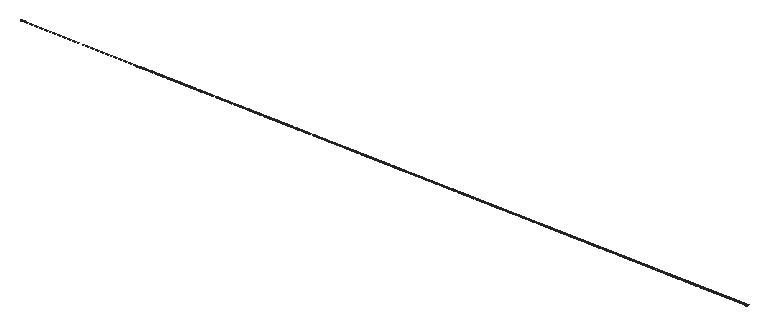
Revit family "0068169", category Lighting Fixtures, host Face, Revit 2017
Family settings
  Host = Face
  Round Connector Dimension = Use Diameter
  Part Type = Normal
  OmniClass Number = 23.80.70.00
  OmniClass Title = Lighting
  Cut with Voids When Loaded = No
  Light Source = Yes
  Shared = No
  Room Calculation Point = No
Parameters (values of type "0068169 FLEX PRO IP20 2500LM 940")
  Weight = "2.0 kg"
  Wattage Comments = ""
  Wattage = 24 W
  WarrantyStartDate [instance] = "n/a"
  WarrantyGuarantorParts = "n/a"
  WarrantyDurationUnit = "n/a"
  WarrantyDurationParts = "n/a"
  WarrantyDescription = "n/a"
  built-in parameter 1150110 = 1 (stored number, unit not read)
  Voltage = 0 V
  URL = "http://www.sylvania-lighting.com"
  TypeName = "Flex Pro IP20 2500lm 940"
  Type Image = <None>
  Type Comments = "n/a"
  built-in parameter 1114217 = 1 (stored number, unit not read)
  Tilt Angle = -90.00°
  built-in parameter 1150109 = 1 (stored number, unit not read)
  built-in parameter 1150134 = 12
  built-in parameter 1150113 = 1 (stored number, unit not read)
  SerialNumber [instance] = "n/a"
  Photometric Web File = "0068169.ies"
  PHOTOMETRY3_SYL = 0 mm
  PHOTOMETRY2_SYL = LUM_WIDTH_SYL  # 4 mm
  PHOTOMETRY1_SYL = LUM_LENGHT_SYL / 2  # 2500 mm
  Material_3_SYL = none
  PowerFactor = 0
  PowerConsumption = "24 W"
  NominalLength = 5000 mm
  NominalHeight = 1.2 mm
  NominalDepth = 8 mm
  Name = "Flex Pro IP20 2500lm 940"
  ModelReference = Name  # "Flex Pro IP20 2500lm 940"
  ModelNumber = "0068169"
  Model = Name  # "Flex Pro IP20 2500lm 940"
  Material = "n/a"
  ManufacturerName = "Feilo Sylvania"
  Manufacturer = "Feilo Sylvania"
  LuminousEfficacy = "104 lm/W"
  built-in parameter 1150105 = 198.63 (stored number, unit not read)
  Lumens = 2496 lm
  LuminaireType = ""
  built-in parameter 1150115 = 1 (stored number, unit not read)
  LightOutputRatio = "n/a"
  built-in parameter 1150137 = (empty or 0)
  built-in parameter 1150139 = (empty or 0)
  LampsType = Lamp  # "LED"
  LampNominalLuminous = "2500 lm"
  LampMacAdamStep = "n/a"
  LampColourTemperature = "4000 K"
  LampColourRenderingIndex = "90"
  built-in parameter 1150112 = 1 (stored number, unit not read)
  built-in parameter 1150114 = 1 (stored number, unit not read)
  Lamp = "LED"
  LUM_WIDTH_SYL = 4 mm
  LUM_LENGHT_SYL!!!! = "MUST BE DIVISIBLE WITH 100"
  LUM_LENGHT_SYL = 5000 mm  # constant formula
  LED_DIST_SYL = 16.6 mm
  LED_DIST1_SYL = 10.6 mm
  LED_CH_S_WIDTH_SYL = 1.5 mm
  LED_CH_S_DEPTH_SYL = 1 mm
  LED_CH_L_WIDTH_SYL = 1.7 mm
  LED_CH_L_DEPTH_SYL = 1.4 mm
  LED_2_DIST_SYL = 33.2 mm
  Keynote = "16500"
  InstallationDate [instance] = "n/a"
  InputVoltage = "n/a"
  InputNominalFrequency = "n/a"
  built-in parameter 1150132 = (empty or 0)
  built-in parameter 1150102 = (empty or 0)
  built-in parameter 1150107 = 4000 (stored number, unit not read)
  built-in parameter 1150138 = (empty or 0)
  IngressProtection = "IP20"
  ImpactProtectionIndex = "IK00"
  built-in parameter 1150106 = 1.9863 (stored number, unit not read)
  IfcExportType = "IfcLightFixtureType"
  IfcExportAs = "IfcLightFixtureType"
  Emit from Circle Diameter = 609.6 mm
  Emit Shape Visible in Rendering = no
  ElectricShockClassification = "Class III"
  built-in parameter 1150104 = 9.6619 (stored number, unit not read)
  DocumentationLiterature = "http://www.sylvania-lighting.com/product/en-int/products/0068169"
  DimmingControlOptions = "n/a"
  Material_2_SYL = Default New Material
  Dimming Lamp Color Temperature Shift = <None>
  Description = ""
  Default Elevation = 1219.2 mm
  CreatedOn = "10/16/2020"
  CreatedBy = "@sylvania-lighting.com"
  Cost = 0
  Color Filter = 16777215
  built-in parameter 1114216 [instance] = (empty or 0)
  ClassificationValue = "EF_70_80"
  ClassificationName = "Uniclass2015"
  Material_1_SYL = Default
  CABLE_LENGHT_SYL = 1000 mm
  CABLE_FIX_SYL = 1 mm
  CABLE_END_SYL = 15 mm
  CABLE_DIST_SYL = 1.5 mm
  CABLE_DIST2_SYL = 1.5 mm
  CABLE_BLEND_SYL = 20 mm
  BarCode [instance] = "n/a"
  built-in parameter 1114218 = 1 (stored number, unit not read)
  built-in parameter 1150133 = 10 (stored number, unit not read)
  AssetType = "Fixed"
  AssetIdentifier [instance] = "n/a"
  Assembly Code = "D5020200"
  Apparent Load = 24 VA
  Material_4_SYL = none
Reference planes
  plane 1 "Center (Front/Back)": y = 0
  plane 2: z = 0
  plane 3 "Center (Left/Right)": x = 0
  plane 4: x = 5000
  plane 5: y = 4
  plane 6: y = -4
  plane 7: x = 1
  plane 8: x = -1000
  plane 9: x = -20
  plane 10: x = -985
  plane 11: y = 1.5
  plane 12: y = -1.5
  plane 13: y = 2.5
  plane 14: y = -2.5
  plane 15: x = 10.6
  plane 16: x = 27.2
  plane 17: x = 43.8
  plane 18: x = 60.4
  plane 19: x = 77
  plane 20: x = 93.6
  plane 21: y = 1.7
  plane 22: y = -1.7
  plane 23: x = 12
  plane 24: x = 9.2
  plane 25: x = 28.6
  plane 26: x = 25.8
  plane 27: x = 45.2
  plane 28: x = 42.4
  plane 29: x = 59
  plane 30: x = 61.8
  plane 31: x = 75.6
  plane 32: x = 78.4
  plane 33: x = 95
  plane 34: x = 92.2
  plane 35: x = 18.9
  plane 36: x = 35.5
  plane 37: x = 68.7
  plane 38: x = 85.3
  plane 39: x = 19.9
  plane 40: x = 17.9
  plane 41: x = 34.5
  plane 42: x = 36.5
  plane 43: x = 69.7
  plane 44: x = 67.7
  plane 45: x = 84.3
  plane 46: x = 86.3
  plane 47: y = 1.5
  plane 48: y = -1.5
Forms (mm)
  Extrusion 1, solid, material "Default" <- "Material_1_SYL"
    sketch origin (0, 0, 0) x (1, 0, 0) y (0, 1, 0)
      loop
        line (0, 4) -> (0, -4) -> (5000, -4) -> (5000, 4) -> (0, 4)
    from -0.9 to -1.2
  Sweep 2, solid, material "Default New Material" <- "Material_2_SYL"
    path origin (0, 0, 0) x (1, 0, 0) y (0, 1, 0)
      loop
        line (1, 2.5) -> (0, 2.5) -> (-20, 1.5) -> (-985, 1.5)
    profile origin (-10, 2, 0) x (0.049938, -0.998752, 0) y (0, 0, 1)
      loop
        circle (0, 0) r 1.399
  Sweep 3, solid, material "Default New Material" <- "Material_2_SYL"
    path origin (0, 0, 0) x (1, 0, 0) y (0, 1, 0)
      loop
        line (1, -2.5) -> (0, -2.5) -> (-20, -1.5) -> (-985, -1.5)
    profile origin (-10, -2, 0) x (-0.049938, -0.998752, 0) y (0, 0, 1)
      loop
        circle (0, 0) r 1.353
  Revolve 4, solid
    sketch origin (0, 0, 0) x (1, 0, 0) y (0, 1, 0)
      loop
        line (-985, 1.5) -> (-985, 2.5) -> (-1000, 2.5) -> (-1000, 1.5) -> (-985, 1.5)
      axis (-985, 1.5) -> (-1000, 1.5)
    angle from 360 to 0
  Revolve 5, solid
    sketch origin (0, 0, 0) x (1, 0, 0) y (0, 1, 0)
      loop
        line (-985, -1.5) -> (-1000, -1.5) -> (-1000, -2.5) -> (-985, -2.5) -> (-985, -1.5)
      axis (-985, -1.5) -> (-1000, -1.5)
    angle from 360 to 0
  Extrusion 6, solid
    sketch origin (0, 0, 0) x (1, 0, 0) y (0, 1, 0)
      loop
        line (9.2, 1.7) -> (9.2, -1.7) -> (12, -1.7) -> (12, 1.7) -> (9.2, 1.7)
      loop
        line (25.8, 1.7) -> (25.8, -1.7) -> (28.6, -1.7) -> (28.6, 1.7) -> (25.8, 1.7)
      loop
        line (42.4, 1.7) -> (42.4, -1.7) -> (45.2, -1.7) -> (45.2, 1.7) -> (42.4, 1.7)
      loop
        line (59, 1.7) -> (59, -1.7) -> (61.8, -1.7) -> (61.8, 1.7) -> (59, 1.7)
      loop
        line (75.6, -1.7) -> (78.4, -1.7) -> (78.4, 1.7) -> (75.6, 1.7) -> (75.6, -1.7)
      loop
        line (92.2, 1.7) -> (92.2, -1.7) -> (95, -1.7) -> (95, 1.7) -> (92.2, 1.7)
    from 0 to -1.2
  Extrusion 7, solid
    sketch origin (0, 0, 0) x (1, 0, 0) y (0, 1, 0)
      loop
        line (17.9, 1.5) -> (17.9, -1.5) -> (19.9, -1.5) -> (19.9, 1.5) -> (17.9, 1.5)
      loop
        line (34.5, 1.5) -> (34.5, -1.5) -> (36.5, -1.5) -> (36.5, 1.5) -> (34.5, 1.5)
      loop
        line (67.7, 1.5) -> (67.7, -1.5) -> (69.7, -1.5) -> (69.7, 1.5) -> (67.7, 1.5)
      loop
        line (84.3, 1.5) -> (84.3, -1.5) -> (86.3, -1.5) -> (86.3, 1.5) -> (84.3, 1.5)
    from -1.2 to -0.5
  Extrusion 8, solid
    sketch origin (4898, 0, 0) x (1, 0, 0) y (0, 1, 0)
      loop
        line (9.2, 1.7) -> (9.2, -1.7) -> (12, -1.7) -> (12, 1.7) -> (9.2, 1.7)
      loop
        line (25.8, 1.7) -> (25.8, -1.7) -> (28.6, -1.7) -> (28.6, 1.7) -> (25.8, 1.7)
      loop
        line (42.4, 1.7) -> (42.4, -1.7) -> (45.2, -1.7) -> (45.2, 1.7) -> (42.4, 1.7)
      loop
        line (59, 1.7) -> (59, -1.7) -> (61.8, -1.7) -> (61.8, 1.7) -> (59, 1.7)
      loop
        line (75.6, -1.7) -> (78.4, -1.7) -> (78.4, 1.7) -> (75.6, 1.7) -> (75.6, -1.7)
      loop
        line (92.2, 1.7) -> (92.2, -1.7) -> (95, -1.7) -> (95, 1.7) -> (92.2, 1.7)
    from 0 to -1.2
  Extrusion 9, solid
    sketch origin (99.959, 0, 0) x (1, 0, 0) y (0, 1, 0)
      loop
        line (9.2, 1.7) -> (9.2, -1.7) -> (12, -1.7) -> (12, 1.7) -> (9.2, 1.7)
      loop
        line (25.8, 1.7) -> (25.8, -1.7) -> (28.6, -1.7) -> (28.6, 1.7) -> (25.8, 1.7)
      loop
        line (42.4, 1.7) -> (42.4, -1.7) -> (45.2, -1.7) -> (45.2, 1.7) -> (42.4, 1.7)
      loop
        line (59, 1.7) -> (59, -1.7) -> (61.8, -1.7) -> (61.8, 1.7) -> (59, 1.7)
      loop
        line (75.6, -1.7) -> (78.4, -1.7) -> (78.4, 1.7) -> (75.6, 1.7) -> (75.6, -1.7)
      loop
        line (92.2, 1.7) -> (92.2, -1.7) -> (95, -1.7) -> (95, 1.7) -> (92.2, 1.7)
    from 0 to -1.2
  Extrusion 10, solid
    sketch origin (199.918, 0, 0) x (1, 0, 0) y (0, 1, 0)
      loop
        line (9.2, 1.7) -> (9.2, -1.7) -> (12, -1.7) -> (12, 1.7) -> (9.2, 1.7)
      loop
        line (25.8, 1.7) -> (25.8, -1.7) -> (28.6, -1.7) -> (28.6, 1.7) -> (25.8, 1.7)
      loop
        line (42.4, 1.7) -> (42.4, -1.7) -> (45.2, -1.7) -> (45.2, 1.7) -> (42.4, 1.7)
      loop
        line (59, 1.7) -> (59, -1.7) -> (61.8, -1.7) -> (61.8, 1.7) -> (59, 1.7)
      loop
        line (75.6, -1.7) -> (78.4, -1.7) -> (78.4, 1.7) -> (75.6, 1.7) -> (75.6, -1.7)
      loop
        line (92.2, 1.7) -> (92.2, -1.7) -> (95, -1.7) -> (95, 1.7) -> (92.2, 1.7)
    from 0 to -1.2
  Extrusion 11, solid
    sketch origin (299.878, 0, 0) x (1, 0, 0) y (0, 1, 0)
      loop
        line (9.2, 1.7) -> (9.2, -1.7) -> (12, -1.7) -> (12, 1.7) -> (9.2, 1.7)
      loop
        line (25.8, 1.7) -> (25.8, -1.7) -> (28.6, -1.7) -> (28.6, 1.7) -> (25.8, 1.7)
      loop
        line (42.4, 1.7) -> (42.4, -1.7) -> (45.2, -1.7) -> (45.2, 1.7) -> (42.4, 1.7)
      loop
        line (59, 1.7) -> (59, -1.7) -> (61.8, -1.7) -> (61.8, 1.7) -> (59, 1.7)
      loop
        line (75.6, -1.7) -> (78.4, -1.7) -> (78.4, 1.7) -> (75.6, 1.7) -> (75.6, -1.7)
      loop
        line (92.2, 1.7) -> (92.2, -1.7) -> (95, -1.7) -> (95, 1.7) -> (92.2, 1.7)
    from 0 to -1.2
  Extrusion 12, solid
    sketch origin (399.837, 0, 0) x (1, 0, 0) y (0, 1, 0)
      loop
        line (9.2, 1.7) -> (9.2, -1.7) -> (12, -1.7) -> (12, 1.7) -> (9.2, 1.7)
      loop
        line (25.8, 1.7) -> (25.8, -1.7) -> (28.6, -1.7) -> (28.6, 1.7) -> (25.8, 1.7)
      loop
        line (42.4, 1.7) -> (42.4, -1.7) -> (45.2, -1.7) -> (45.2, 1.7) -> (42.4, 1.7)
      loop
        line (59, 1.7) -> (59, -1.7) -> (61.8, -1.7) -> (61.8, 1.7) -> (59, 1.7)
      loop
        line (75.6, -1.7) -> (78.4, -1.7) -> (78.4, 1.7) -> (75.6, 1.7) -> (75.6, -1.7)
      loop
        line (92.2, 1.7) -> (92.2, -1.7) -> (95, -1.7) -> (95, 1.7) -> (92.2, 1.7)
    from 0 to -1.2
  Extrusion 13, solid
    sketch origin (499.796, 0, 0) x (1, 0, 0) y (0, 1, 0)
      loop
        line (9.2, 1.7) -> (9.2, -1.7) -> (12, -1.7) -> (12, 1.7) -> (9.2, 1.7)
      loop
        line (25.8, 1.7) -> (25.8, -1.7) -> (28.6, -1.7) -> (28.6, 1.7) -> (25.8, 1.7)
      loop
        line (42.4, 1.7) -> (42.4, -1.7) -> (45.2, -1.7) -> (45.2, 1.7) -> (42.4, 1.7)
      loop
        line (59, 1.7) -> (59, -1.7) -> (61.8, -1.7) -> (61.8, 1.7) -> (59, 1.7)
      loop
        line (75.6, -1.7) -> (78.4, -1.7) -> (78.4, 1.7) -> (75.6, 1.7) -> (75.6, -1.7)
      loop
        line (92.2, 1.7) -> (92.2, -1.7) -> (95, -1.7) -> (95, 1.7) -> (92.2, 1.7)
    from 0 to -1.2
  Extrusion 14, solid
    sketch origin (599.755, 0, 0) x (1, 0, 0) y (0, 1, 0)
      loop
        line (9.2, 1.7) -> (9.2, -1.7) -> (12, -1.7) -> (12, 1.7) -> (9.2, 1.7)
      loop
        line (25.8, 1.7) -> (25.8, -1.7) -> (28.6, -1.7) -> (28.6, 1.7) -> (25.8, 1.7)
      loop
        line (42.4, 1.7) -> (42.4, -1.7) -> (45.2, -1.7) -> (45.2, 1.7) -> (42.4, 1.7)
      loop
        line (59, 1.7) -> (59, -1.7) -> (61.8, -1.7) -> (61.8, 1.7) -> (59, 1.7)
      loop
        line (75.6, -1.7) -> (78.4, -1.7) -> (78.4, 1.7) -> (75.6, 1.7) -> (75.6, -1.7)
      loop
        line (92.2, 1.7) -> (92.2, -1.7) -> (95, -1.7) -> (95, 1.7) -> (92.2, 1.7)
    from 0 to -1.2
  Extrusion 15, solid
    sketch origin (699.714, 0, 0) x (1, 0, 0) y (0, 1, 0)
      loop
        line (9.2, 1.7) -> (9.2, -1.7) -> (12, -1.7) -> (12, 1.7) -> (9.2, 1.7)
      loop
        line (25.8, 1.7) -> (25.8, -1.7) -> (28.6, -1.7) -> (28.6, 1.7) -> (25.8, 1.7)
      loop
        line (42.4, 1.7) -> (42.4, -1.7) -> (45.2, -1.7) -> (45.2, 1.7) -> (42.4, 1.7)
      loop
        line (59, 1.7) -> (59, -1.7) -> (61.8, -1.7) -> (61.8, 1.7) -> (59, 1.7)
      loop
        line (75.6, -1.7) -> (78.4, -1.7) -> (78.4, 1.7) -> (75.6, 1.7) -> (75.6, -1.7)
      loop
        line (92.2, 1.7) -> (92.2, -1.7) -> (95, -1.7) -> (95, 1.7) -> (92.2, 1.7)
    from 0 to -1.2
  Extrusion 16, solid
    sketch origin (799.673, 0, 0) x (1, 0, 0) y (0, 1, 0)
      loop
        line (9.2, 1.7) -> (9.2, -1.7) -> (12, -1.7) -> (12, 1.7) -> (9.2, 1.7)
      loop
        line (25.8, 1.7) -> (25.8, -1.7) -> (28.6, -1.7) -> (28.6, 1.7) -> (25.8, 1.7)
      loop
        line (42.4, 1.7) -> (42.4, -1.7) -> (45.2, -1.7) -> (45.2, 1.7) -> (42.4, 1.7)
      loop
        line (59, 1.7) -> (59, -1.7) -> (61.8, -1.7) -> (61.8, 1.7) -> (59, 1.7)
      loop
        line (75.6, -1.7) -> (78.4, -1.7) -> (78.4, 1.7) -> (75.6, 1.7) -> (75.6, -1.7)
      loop
        line (92.2, 1.7) -> (92.2, -1.7) -> (95, -1.7) -> (95, 1.7) -> (92.2, 1.7)
    from 0 to -1.2
  Extrusion 17, solid
    sketch origin (899.633, 0, 0) x (1, 0, 0) y (0, 1, 0)
      loop
        line (9.2, 1.7) -> (9.2, -1.7) -> (12, -1.7) -> (12, 1.7) -> (9.2, 1.7)
      loop
        line (25.8, 1.7) -> (25.8, -1.7) -> (28.6, -1.7) -> (28.6, 1.7) -> (25.8, 1.7)
      loop
        line (42.4, 1.7) -> (42.4, -1.7) -> (45.2, -1.7) -> (45.2, 1.7) -> (42.4, 1.7)
      loop
        line (59, 1.7) -> (59, -1.7) -> (61.8, -1.7) -> (61.8, 1.7) -> (59, 1.7)
      loop
        line (75.6, -1.7) -> (78.4, -1.7) -> (78.4, 1.7) -> (75.6, 1.7) -> (75.6, -1.7)
      loop
        line (92.2, 1.7) -> (92.2, -1.7) -> (95, -1.7) -> (95, 1.7) -> (92.2, 1.7)
    from 0 to -1.2
  Extrusion 18, solid
    sketch origin (999.592, 0, 0) x (1, 0, 0) y (0, 1, 0)
      loop
        line (9.2, 1.7) -> (9.2, -1.7) -> (12, -1.7) -> (12, 1.7) -> (9.2, 1.7)
      loop
        line (25.8, 1.7) -> (25.8, -1.7) -> (28.6, -1.7) -> (28.6, 1.7) -> (25.8, 1.7)
      loop
        line (42.4, 1.7) -> (42.4, -1.7) -> (45.2, -1.7) -> (45.2, 1.7) -> (42.4, 1.7)
      loop
        line (59, 1.7) -> (59, -1.7) -> (61.8, -1.7) -> (61.8, 1.7) -> (59, 1.7)
      loop
        line (75.6, -1.7) -> (78.4, -1.7) -> (78.4, 1.7) -> (75.6, 1.7) -> (75.6, -1.7)
      loop
        line (92.2, 1.7) -> (92.2, -1.7) -> (95, -1.7) -> (95, 1.7) -> (92.2, 1.7)
    from 0 to -1.2
  Extrusion 19, solid
    sketch origin (1099.551, 0, 0) x (1, 0, 0) y (0, 1, 0)
      loop
        line (9.2, 1.7) -> (9.2, -1.7) -> (12, -1.7) -> (12, 1.7) -> (9.2, 1.7)
      loop
        line (25.8, 1.7) -> (25.8, -1.7) -> (28.6, -1.7) -> (28.6, 1.7) -> (25.8, 1.7)
      loop
        line (42.4, 1.7) -> (42.4, -1.7) -> (45.2, -1.7) -> (45.2, 1.7) -> (42.4, 1.7)
      loop
        line (59, 1.7) -> (59, -1.7) -> (61.8, -1.7) -> (61.8, 1.7) -> (59, 1.7)
      loop
        line (75.6, -1.7) -> (78.4, -1.7) -> (78.4, 1.7) -> (75.6, 1.7) -> (75.6, -1.7)
      loop
        line (92.2, 1.7) -> (92.2, -1.7) -> (95, -1.7) -> (95, 1.7) -> (92.2, 1.7)
    from 0 to -1.2
  Extrusion 20, solid
    sketch origin (1199.51, 0, 0) x (1, 0, 0) y (0, 1, 0)
      loop
        line (9.2, 1.7) -> (9.2, -1.7) -> (12, -1.7) -> (12, 1.7) -> (9.2, 1.7)
      loop
        line (25.8, 1.7) -> (25.8, -1.7) -> (28.6, -1.7) -> (28.6, 1.7) -> (25.8, 1.7)
      loop
        line (42.4, 1.7) -> (42.4, -1.7) -> (45.2, -1.7) -> (45.2, 1.7) -> (42.4, 1.7)
      loop
        line (59, 1.7) -> (59, -1.7) -> (61.8, -1.7) -> (61.8, 1.7) -> (59, 1.7)
      loop
        line (75.6, -1.7) -> (78.4, -1.7) -> (78.4, 1.7) -> (75.6, 1.7) -> (75.6, -1.7)
      loop
        line (92.2, 1.7) -> (92.2, -1.7) -> (95, -1.7) -> (95, 1.7) -> (92.2, 1.7)
    from 0 to -1.2
  Extrusion 21, solid
    sketch origin (1299.469, 0, 0) x (1, 0, 0) y (0, 1, 0)
      loop
        line (9.2, 1.7) -> (9.2, -1.7) -> (12, -1.7) -> (12, 1.7) -> (9.2, 1.7)
      loop
        line (25.8, 1.7) -> (25.8, -1.7) -> (28.6, -1.7) -> (28.6, 1.7) -> (25.8, 1.7)
      loop
        line (42.4, 1.7) -> (42.4, -1.7) -> (45.2, -1.7) -> (45.2, 1.7) -> (42.4, 1.7)
      loop
        line (59, 1.7) -> (59, -1.7) -> (61.8, -1.7) -> (61.8, 1.7) -> (59, 1.7)
      loop
        line (75.6, -1.7) -> (78.4, -1.7) -> (78.4, 1.7) -> (75.6, 1.7) -> (75.6, -1.7)
      loop
        line (92.2, 1.7) -> (92.2, -1.7) -> (95, -1.7) -> (95, 1.7) -> (92.2, 1.7)
    from 0 to -1.2
  Extrusion 22, solid
    sketch origin (1399.429, 0, 0) x (1, 0, 0) y (0, 1, 0)
      loop
        line (9.2, 1.7) -> (9.2, -1.7) -> (12, -1.7) -> (12, 1.7) -> (9.2, 1.7)
      loop
        line (25.8, 1.7) -> (25.8, -1.7) -> (28.6, -1.7) -> (28.6, 1.7) -> (25.8, 1.7)
      loop
        line (42.4, 1.7) -> (42.4, -1.7) -> (45.2, -1.7) -> (45.2, 1.7) -> (42.4, 1.7)
      loop
        line (59, 1.7) -> (59, -1.7) -> (61.8, -1.7) -> (61.8, 1.7) -> (59, 1.7)
      loop
        line (75.6, -1.7) -> (78.4, -1.7) -> (78.4, 1.7) -> (75.6, 1.7) -> (75.6, -1.7)
      loop
        line (92.2, 1.7) -> (92.2, -1.7) -> (95, -1.7) -> (95, 1.7) -> (92.2, 1.7)
    from 0 to -1.2
  Extrusion 23, solid
    sketch origin (1499.388, 0, 0) x (1, 0, 0) y (0, 1, 0)
      loop
        line (9.2, 1.7) -> (9.2, -1.7) -> (12, -1.7) -> (12, 1.7) -> (9.2, 1.7)
      loop
        line (25.8, 1.7) -> (25.8, -1.7) -> (28.6, -1.7) -> (28.6, 1.7) -> (25.8, 1.7)
      loop
        line (42.4, 1.7) -> (42.4, -1.7) -> (45.2, -1.7) -> (45.2, 1.7) -> (42.4, 1.7)
      loop
        line (59, 1.7) -> (59, -1.7) -> (61.8, -1.7) -> (61.8, 1.7) -> (59, 1.7)
      loop
        line (75.6, -1.7) -> (78.4, -1.7) -> (78.4, 1.7) -> (75.6, 1.7) -> (75.6, -1.7)
      loop
        line (92.2, 1.7) -> (92.2, -1.7) -> (95, -1.7) -> (95, 1.7) -> (92.2, 1.7)
    from 0 to -1.2
  Extrusion 24, solid
    sketch origin (1599.347, 0, 0) x (1, 0, 0) y (0, 1, 0)
      loop
        line (9.2, 1.7) -> (9.2, -1.7) -> (12, -1.7) -> (12, 1.7) -> (9.2, 1.7)
      loop
        line (25.8, 1.7) -> (25.8, -1.7) -> (28.6, -1.7) -> (28.6, 1.7) -> (25.8, 1.7)
      loop
        line (42.4, 1.7) -> (42.4, -1.7) -> (45.2, -1.7) -> (45.2, 1.7) -> (42.4, 1.7)
      loop
        line (59, 1.7) -> (59, -1.7) -> (61.8, -1.7) -> (61.8, 1.7) -> (59, 1.7)
      loop
        line (75.6, -1.7) -> (78.4, -1.7) -> (78.4, 1.7) -> (75.6, 1.7) -> (75.6, -1.7)
      loop
        line (92.2, 1.7) -> (92.2, -1.7) -> (95, -1.7) -> (95, 1.7) -> (92.2, 1.7)
    from 0 to -1.2
  Extrusion 25, solid
    sketch origin (1699.306, 0, 0) x (1, 0, 0) y (0, 1, 0)
      loop
        line (9.2, 1.7) -> (9.2, -1.7) -> (12, -1.7) -> (12, 1.7) -> (9.2, 1.7)
      loop
        line (25.8, 1.7) -> (25.8, -1.7) -> (28.6, -1.7) -> (28.6, 1.7) -> (25.8, 1.7)
      loop
        line (42.4, 1.7) -> (42.4, -1.7) -> (45.2, -1.7) -> (45.2, 1.7) -> (42.4, 1.7)
      loop
        line (59, 1.7) -> (59, -1.7) -> (61.8, -1.7) -> (61.8, 1.7) -> (59, 1.7)
      loop
        line (75.6, -1.7) -> (78.4, -1.7) -> (78.4, 1.7) -> (75.6, 1.7) -> (75.6, -1.7)
      loop
        line (92.2, 1.7) -> (92.2, -1.7) -> (95, -1.7) -> (95, 1.7) -> (92.2, 1.7)
    from 0 to -1.2
  Extrusion 26, solid
    sketch origin (1799.265, 0, 0) x (1, 0, 0) y (0, 1, 0)
      loop
        line (9.2, 1.7) -> (9.2, -1.7) -> (12, -1.7) -> (12, 1.7) -> (9.2, 1.7)
      loop
        line (25.8, 1.7) -> (25.8, -1.7) -> (28.6, -1.7) -> (28.6, 1.7) -> (25.8, 1.7)
      loop
        line (42.4, 1.7) -> (42.4, -1.7) -> (45.2, -1.7) -> (45.2, 1.7) -> (42.4, 1.7)
      loop
        line (59, 1.7) -> (59, -1.7) -> (61.8, -1.7) -> (61.8, 1.7) -> (59, 1.7)
      loop
        line (75.6, -1.7) -> (78.4, -1.7) -> (78.4, 1.7) -> (75.6, 1.7) -> (75.6, -1.7)
      loop
        line (92.2, 1.7) -> (92.2, -1.7) -> (95, -1.7) -> (95, 1.7) -> (92.2, 1.7)
    from 0 to -1.2
  Extrusion 27, solid
    sketch origin (1899.224, 0, 0) x (1, 0, 0) y (0, 1, 0)
      loop
        line (9.2, 1.7) -> (9.2, -1.7) -> (12, -1.7) -> (12, 1.7) -> (9.2, 1.7)
      loop
        line (25.8, 1.7) -> (25.8, -1.7) -> (28.6, -1.7) -> (28.6, 1.7) -> (25.8, 1.7)
      loop
        line (42.4, 1.7) -> (42.4, -1.7) -> (45.2, -1.7) -> (45.2, 1.7) -> (42.4, 1.7)
      loop
        line (59, 1.7) -> (59, -1.7) -> (61.8, -1.7) -> (61.8, 1.7) -> (59, 1.7)
      loop
        line (75.6, -1.7) -> (78.4, -1.7) -> (78.4, 1.7) -> (75.6, 1.7) -> (75.6, -1.7)
      loop
        line (92.2, 1.7) -> (92.2, -1.7) -> (95, -1.7) -> (95, 1.7) -> (92.2, 1.7)
    from 0 to -1.2
  Extrusion 28, solid
    sketch origin (1999.184, 0, 0) x (1, 0, 0) y (0, 1, 0)
      loop
        line (9.2, 1.7) -> (9.2, -1.7) -> (12, -1.7) -> (12, 1.7) -> (9.2, 1.7)
      loop
        line (25.8, 1.7) -> (25.8, -1.7) -> (28.6, -1.7) -> (28.6, 1.7) -> (25.8, 1.7)
      loop
        line (42.4, 1.7) -> (42.4, -1.7) -> (45.2, -1.7) -> (45.2, 1.7) -> (42.4, 1.7)
      loop
        line (59, 1.7) -> (59, -1.7) -> (61.8, -1.7) -> (61.8, 1.7) -> (59, 1.7)
      loop
        line (75.6, -1.7) -> (78.4, -1.7) -> (78.4, 1.7) -> (75.6, 1.7) -> (75.6, -1.7)
      loop
        line (92.2, 1.7) -> (92.2, -1.7) -> (95, -1.7) -> (95, 1.7) -> (92.2, 1.7)
    from 0 to -1.2
  Extrusion 29, solid
    sketch origin (2099.143, 0, 0) x (1, 0, 0) y (0, 1, 0)
      loop
        line (9.2, 1.7) -> (9.2, -1.7) -> (12, -1.7) -> (12, 1.7) -> (9.2, 1.7)
      loop
        line (25.8, 1.7) -> (25.8, -1.7) -> (28.6, -1.7) -> (28.6, 1.7) -> (25.8, 1.7)
      loop
        line (42.4, 1.7) -> (42.4, -1.7) -> (45.2, -1.7) -> (45.2, 1.7) -> (42.4, 1.7)
      loop
        line (59, 1.7) -> (59, -1.7) -> (61.8, -1.7) -> (61.8, 1.7) -> (59, 1.7)
      loop
        line (75.6, -1.7) -> (78.4, -1.7) -> (78.4, 1.7) -> (75.6, 1.7) -> (75.6, -1.7)
      loop
        line (92.2, 1.7) -> (92.2, -1.7) -> (95, -1.7) -> (95, 1.7) -> (92.2, 1.7)
    from 0 to -1.2
  Extrusion 30, solid
    sketch origin (2199.102, 0, 0) x (1, 0, 0) y (0, 1, 0)
      loop
        line (9.2, 1.7) -> (9.2, -1.7) -> (12, -1.7) -> (12, 1.7) -> (9.2, 1.7)
      loop
        line (25.8, 1.7) -> (25.8, -1.7) -> (28.6, -1.7) -> (28.6, 1.7) -> (25.8, 1.7)
      loop
        line (42.4, 1.7) -> (42.4, -1.7) -> (45.2, -1.7) -> (45.2, 1.7) -> (42.4, 1.7)
      loop
        line (59, 1.7) -> (59, -1.7) -> (61.8, -1.7) -> (61.8, 1.7) -> (59, 1.7)
      loop
        line (75.6, -1.7) -> (78.4, -1.7) -> (78.4, 1.7) -> (75.6, 1.7) -> (75.6, -1.7)
      loop
        line (92.2, 1.7) -> (92.2, -1.7) -> (95, -1.7) -> (95, 1.7) -> (92.2, 1.7)
    from 0 to -1.2
  Extrusion 31, solid
    sketch origin (2299.061, 0, 0) x (1, 0, 0) y (0, 1, 0)
      loop
        line (9.2, 1.7) -> (9.2, -1.7) -> (12, -1.7) -> (12, 1.7) -> (9.2, 1.7)
      loop
        line (25.8, 1.7) -> (25.8, -1.7) -> (28.6, -1.7) -> (28.6, 1.7) -> (25.8, 1.7)
      loop
        line (42.4, 1.7) -> (42.4, -1.7) -> (45.2, -1.7) -> (45.2, 1.7) -> (42.4, 1.7)
      loop
        line (59, 1.7) -> (59, -1.7) -> (61.8, -1.7) -> (61.8, 1.7) -> (59, 1.7)
      loop
        line (75.6, -1.7) -> (78.4, -1.7) -> (78.4, 1.7) -> (75.6, 1.7) -> (75.6, -1.7)
      loop
        line (92.2, 1.7) -> (92.2, -1.7) -> (95, -1.7) -> (95, 1.7) -> (92.2, 1.7)
    from 0 to -1.2
  Extrusion 32, solid
    sketch origin (2399.02, 0, 0) x (1, 0, 0) y (0, 1, 0)
      loop
        line (9.2, 1.7) -> (9.2, -1.7) -> (12, -1.7) -> (12, 1.7) -> (9.2, 1.7)
      loop
        line (25.8, 1.7) -> (25.8, -1.7) -> (28.6, -1.7) -> (28.6, 1.7) -> (25.8, 1.7)
      loop
        line (42.4, 1.7) -> (42.4, -1.7) -> (45.2, -1.7) -> (45.2, 1.7) -> (42.4, 1.7)
      loop
        line (59, 1.7) -> (59, -1.7) -> (61.8, -1.7) -> (61.8, 1.7) -> (59, 1.7)
      loop
        line (75.6, -1.7) -> (78.4, -1.7) -> (78.4, 1.7) -> (75.6, 1.7) -> (75.6, -1.7)
      loop
        line (92.2, 1.7) -> (92.2, -1.7) -> (95, -1.7) -> (95, 1.7) -> (92.2, 1.7)
    from 0 to -1.2
  Extrusion 33, solid
    sketch origin (2498.98, 0, 0) x (1, 0, 0) y (0, 1, 0)
      loop
        line (9.2, 1.7) -> (9.2, -1.7) -> (12, -1.7) -> (12, 1.7) -> (9.2, 1.7)
      loop
        line (25.8, 1.7) -> (25.8, -1.7) -> (28.6, -1.7) -> (28.6, 1.7) -> (25.8, 1.7)
      loop
        line (42.4, 1.7) -> (42.4, -1.7) -> (45.2, -1.7) -> (45.2, 1.7) -> (42.4, 1.7)
      loop
        line (59, 1.7) -> (59, -1.7) -> (61.8, -1.7) -> (61.8, 1.7) -> (59, 1.7)
      loop
        line (75.6, -1.7) -> (78.4, -1.7) -> (78.4, 1.7) -> (75.6, 1.7) -> (75.6, -1.7)
      loop
        line (92.2, 1.7) -> (92.2, -1.7) -> (95, -1.7) -> (95, 1.7) -> (92.2, 1.7)
    from 0 to -1.2
  Extrusion 34, solid
    sketch origin (2598.939, 0, 0) x (1, 0, 0) y (0, 1, 0)
      loop
        line (9.2, 1.7) -> (9.2, -1.7) -> (12, -1.7) -> (12, 1.7) -> (9.2, 1.7)
      loop
        line (25.8, 1.7) -> (25.8, -1.7) -> (28.6, -1.7) -> (28.6, 1.7) -> (25.8, 1.7)
      loop
        line (42.4, 1.7) -> (42.4, -1.7) -> (45.2, -1.7) -> (45.2, 1.7) -> (42.4, 1.7)
      loop
        line (59, 1.7) -> (59, -1.7) -> (61.8, -1.7) -> (61.8, 1.7) -> (59, 1.7)
      loop
        line (75.6, -1.7) -> (78.4, -1.7) -> (78.4, 1.7) -> (75.6, 1.7) -> (75.6, -1.7)
      loop
        line (92.2, 1.7) -> (92.2, -1.7) -> (95, -1.7) -> (95, 1.7) -> (92.2, 1.7)
    from 0 to -1.2
  Extrusion 35, solid
    sketch origin (2698.898, 0, 0) x (1, 0, 0) y (0, 1, 0)
      loop
        line (9.2, 1.7) -> (9.2, -1.7) -> (12, -1.7) -> (12, 1.7) -> (9.2, 1.7)
      loop
        line (25.8, 1.7) -> (25.8, -1.7) -> (28.6, -1.7) -> (28.6, 1.7) -> (25.8, 1.7)
      loop
        line (42.4, 1.7) -> (42.4, -1.7) -> (45.2, -1.7) -> (45.2, 1.7) -> (42.4, 1.7)
      loop
        line (59, 1.7) -> (59, -1.7) -> (61.8, -1.7) -> (61.8, 1.7) -> (59, 1.7)
      loop
        line (75.6, -1.7) -> (78.4, -1.7) -> (78.4, 1.7) -> (75.6, 1.7) -> (75.6, -1.7)
      loop
        line (92.2, 1.7) -> (92.2, -1.7) -> (95, -1.7) -> (95, 1.7) -> (92.2, 1.7)
    from 0 to -1.2
  Extrusion 36, solid
    sketch origin (2798.857, 0, 0) x (1, 0, 0) y (0, 1, 0)
      loop
        line (9.2, 1.7) -> (9.2, -1.7) -> (12, -1.7) -> (12, 1.7) -> (9.2, 1.7)
      loop
        line (25.8, 1.7) -> (25.8, -1.7) -> (28.6, -1.7) -> (28.6, 1.7) -> (25.8, 1.7)
      loop
        line (42.4, 1.7) -> (42.4, -1.7) -> (45.2, -1.7) -> (45.2, 1.7) -> (42.4, 1.7)
      loop
        line (59, 1.7) -> (59, -1.7) -> (61.8, -1.7) -> (61.8, 1.7) -> (59, 1.7)
      loop
        line (75.6, -1.7) -> (78.4, -1.7) -> (78.4, 1.7) -> (75.6, 1.7) -> (75.6, -1.7)
      loop
        line (92.2, 1.7) -> (92.2, -1.7) -> (95, -1.7) -> (95, 1.7) -> (92.2, 1.7)
    from 0 to -1.2
  Extrusion 37, solid
    sketch origin (2898.816, 0, 0) x (1, 0, 0) y (0, 1, 0)
      loop
        line (9.2, 1.7) -> (9.2, -1.7) -> (12, -1.7) -> (12, 1.7) -> (9.2, 1.7)
      loop
        line (25.8, 1.7) -> (25.8, -1.7) -> (28.6, -1.7) -> (28.6, 1.7) -> (25.8, 1.7)
      loop
        line (42.4, 1.7) -> (42.4, -1.7) -> (45.2, -1.7) -> (45.2, 1.7) -> (42.4, 1.7)
      loop
        line (59, 1.7) -> (59, -1.7) -> (61.8, -1.7) -> (61.8, 1.7) -> (59, 1.7)
      loop
        line (75.6, -1.7) -> (78.4, -1.7) -> (78.4, 1.7) -> (75.6, 1.7) -> (75.6, -1.7)
      loop
        line (92.2, 1.7) -> (92.2, -1.7) -> (95, -1.7) -> (95, 1.7) -> (92.2, 1.7)
    from 0 to -1.2
  Extrusion 38, solid
    sketch origin (2998.776, 0, 0) x (1, 0, 0) y (0, 1, 0)
      loop
        line (9.2, 1.7) -> (9.2, -1.7) -> (12, -1.7) -> (12, 1.7) -> (9.2, 1.7)
      loop
        line (25.8, 1.7) -> (25.8, -1.7) -> (28.6, -1.7) -> (28.6, 1.7) -> (25.8, 1.7)
      loop
        line (42.4, 1.7) -> (42.4, -1.7) -> (45.2, -1.7) -> (45.2, 1.7) -> (42.4, 1.7)
      loop
        line (59, 1.7) -> (59, -1.7) -> (61.8, -1.7) -> (61.8, 1.7) -> (59, 1.7)
      loop
        line (75.6, -1.7) -> (78.4, -1.7) -> (78.4, 1.7) -> (75.6, 1.7) -> (75.6, -1.7)
      loop
        line (92.2, 1.7) -> (92.2, -1.7) -> (95, -1.7) -> (95, 1.7) -> (92.2, 1.7)
    from 0 to -1.2
  Extrusion 39, solid
    sketch origin (3098.735, 0, 0) x (1, 0, 0) y (0, 1, 0)
      loop
        line (9.2, 1.7) -> (9.2, -1.7) -> (12, -1.7) -> (12, 1.7) -> (9.2, 1.7)
      loop
        line (25.8, 1.7) -> (25.8, -1.7) -> (28.6, -1.7) -> (28.6, 1.7) -> (25.8, 1.7)
      loop
        line (42.4, 1.7) -> (42.4, -1.7) -> (45.2, -1.7) -> (45.2, 1.7) -> (42.4, 1.7)
      loop
        line (59, 1.7) -> (59, -1.7) -> (61.8, -1.7) -> (61.8, 1.7) -> (59, 1.7)
      loop
        line (75.6, -1.7) -> (78.4, -1.7) -> (78.4, 1.7) -> (75.6, 1.7) -> (75.6, -1.7)
      loop
        line (92.2, 1.7) -> (92.2, -1.7) -> (95, -1.7) -> (95, 1.7) -> (92.2, 1.7)
    from 0 to -1.2
  Extrusion 40, solid
    sketch origin (3198.694, 0, 0) x (1, 0, 0) y (0, 1, 0)
      loop
        line (9.2, 1.7) -> (9.2, -1.7) -> (12, -1.7) -> (12, 1.7) -> (9.2, 1.7)
      loop
        line (25.8, 1.7) -> (25.8, -1.7) -> (28.6, -1.7) -> (28.6, 1.7) -> (25.8, 1.7)
      loop
        line (42.4, 1.7) -> (42.4, -1.7) -> (45.2, -1.7) -> (45.2, 1.7) -> (42.4, 1.7)
      loop
        line (59, 1.7) -> (59, -1.7) -> (61.8, -1.7) -> (61.8, 1.7) -> (59, 1.7)
      loop
        line (75.6, -1.7) -> (78.4, -1.7) -> (78.4, 1.7) -> (75.6, 1.7) -> (75.6, -1.7)
      loop
        line (92.2, 1.7) -> (92.2, -1.7) -> (95, -1.7) -> (95, 1.7) -> (92.2, 1.7)
    from 0 to -1.2
  Extrusion 41, solid
    sketch origin (3298.653, 0, 0) x (1, 0, 0) y (0, 1, 0)
      loop
        line (9.2, 1.7) -> (9.2, -1.7) -> (12, -1.7) -> (12, 1.7) -> (9.2, 1.7)
      loop
        line (25.8, 1.7) -> (25.8, -1.7) -> (28.6, -1.7) -> (28.6, 1.7) -> (25.8, 1.7)
      loop
        line (42.4, 1.7) -> (42.4, -1.7) -> (45.2, -1.7) -> (45.2, 1.7) -> (42.4, 1.7)
      loop
        line (59, 1.7) -> (59, -1.7) -> (61.8, -1.7) -> (61.8, 1.7) -> (59, 1.7)
      loop
        line (75.6, -1.7) -> (78.4, -1.7) -> (78.4, 1.7) -> (75.6, 1.7) -> (75.6, -1.7)
      loop
        line (92.2, 1.7) -> (92.2, -1.7) -> (95, -1.7) -> (95, 1.7) -> (92.2, 1.7)
    from 0 to -1.2
  Extrusion 42, solid
    sketch origin (3398.612, 0, 0) x (1, 0, 0) y (0, 1, 0)
      loop
        line (9.2, 1.7) -> (9.2, -1.7) -> (12, -1.7) -> (12, 1.7) -> (9.2, 1.7)
      loop
        line (25.8, 1.7) -> (25.8, -1.7) -> (28.6, -1.7) -> (28.6, 1.7) -> (25.8, 1.7)
      loop
        line (42.4, 1.7) -> (42.4, -1.7) -> (45.2, -1.7) -> (45.2, 1.7) -> (42.4, 1.7)
      loop
        line (59, 1.7) -> (59, -1.7) -> (61.8, -1.7) -> (61.8, 1.7) -> (59, 1.7)
      loop
        line (75.6, -1.7) -> (78.4, -1.7) -> (78.4, 1.7) -> (75.6, 1.7) -> (75.6, -1.7)
      loop
        line (92.2, 1.7) -> (92.2, -1.7) -> (95, -1.7) -> (95, 1.7) -> (92.2, 1.7)
    from 0 to -1.2
  Extrusion 43, solid
    sketch origin (3498.571, 0, 0) x (1, 0, 0) y (0, 1, 0)
      loop
        line (9.2, 1.7) -> (9.2, -1.7) -> (12, -1.7) -> (12, 1.7) -> (9.2, 1.7)
      loop
        line (25.8, 1.7) -> (25.8, -1.7) -> (28.6, -1.7) -> (28.6, 1.7) -> (25.8, 1.7)
      loop
        line (42.4, 1.7) -> (42.4, -1.7) -> (45.2, -1.7) -> (45.2, 1.7) -> (42.4, 1.7)
      loop
        line (59, 1.7) -> (59, -1.7) -> (61.8, -1.7) -> (61.8, 1.7) -> (59, 1.7)
      loop
        line (75.6, -1.7) -> (78.4, -1.7) -> (78.4, 1.7) -> (75.6, 1.7) -> (75.6, -1.7)
      loop
        line (92.2, 1.7) -> (92.2, -1.7) -> (95, -1.7) -> (95, 1.7) -> (92.2, 1.7)
    from 0 to -1.2
  Extrusion 44, solid
    sketch origin (3598.531, 0, 0) x (1, 0, 0) y (0, 1, 0)
      loop
        line (9.2, 1.7) -> (9.2, -1.7) -> (12, -1.7) -> (12, 1.7) -> (9.2, 1.7)
      loop
        line (25.8, 1.7) -> (25.8, -1.7) -> (28.6, -1.7) -> (28.6, 1.7) -> (25.8, 1.7)
      loop
        line (42.4, 1.7) -> (42.4, -1.7) -> (45.2, -1.7) -> (45.2, 1.7) -> (42.4, 1.7)
      loop
        line (59, 1.7) -> (59, -1.7) -> (61.8, -1.7) -> (61.8, 1.7) -> (59, 1.7)
      loop
        line (75.6, -1.7) -> (78.4, -1.7) -> (78.4, 1.7) -> (75.6, 1.7) -> (75.6, -1.7)
      loop
        line (92.2, 1.7) -> (92.2, -1.7) -> (95, -1.7) -> (95, 1.7) -> (92.2, 1.7)
    from 0 to -1.2
  Extrusion 45, solid
    sketch origin (3698.49, 0, 0) x (1, 0, 0) y (0, 1, 0)
      loop
        line (9.2, 1.7) -> (9.2, -1.7) -> (12, -1.7) -> (12, 1.7) -> (9.2, 1.7)
      loop
        line (25.8, 1.7) -> (25.8, -1.7) -> (28.6, -1.7) -> (28.6, 1.7) -> (25.8, 1.7)
      loop
        line (42.4, 1.7) -> (42.4, -1.7) -> (45.2, -1.7) -> (45.2, 1.7) -> (42.4, 1.7)
      loop
        line (59, 1.7) -> (59, -1.7) -> (61.8, -1.7) -> (61.8, 1.7) -> (59, 1.7)
      loop
        line (75.6, -1.7) -> (78.4, -1.7) -> (78.4, 1.7) -> (75.6, 1.7) -> (75.6, -1.7)
      loop
        line (92.2, 1.7) -> (92.2, -1.7) -> (95, -1.7) -> (95, 1.7) -> (92.2, 1.7)
    from 0 to -1.2
  Extrusion 46, solid
    sketch origin (3798.449, 0, 0) x (1, 0, 0) y (0, 1, 0)
      loop
        line (9.2, 1.7) -> (9.2, -1.7) -> (12, -1.7) -> (12, 1.7) -> (9.2, 1.7)
      loop
        line (25.8, 1.7) -> (25.8, -1.7) -> (28.6, -1.7) -> (28.6, 1.7) -> (25.8, 1.7)
      loop
        line (42.4, 1.7) -> (42.4, -1.7) -> (45.2, -1.7) -> (45.2, 1.7) -> (42.4, 1.7)
      loop
        line (59, 1.7) -> (59, -1.7) -> (61.8, -1.7) -> (61.8, 1.7) -> (59, 1.7)
      loop
        line (75.6, -1.7) -> (78.4, -1.7) -> (78.4, 1.7) -> (75.6, 1.7) -> (75.6, -1.7)
      loop
        line (92.2, 1.7) -> (92.2, -1.7) -> (95, -1.7) -> (95, 1.7) -> (92.2, 1.7)
    from 0 to -1.2
  Extrusion 47, solid
    sketch origin (3898.408, 0, 0) x (1, 0, 0) y (0, 1, 0)
      loop
        line (9.2, 1.7) -> (9.2, -1.7) -> (12, -1.7) -> (12, 1.7) -> (9.2, 1.7)
      loop
        line (25.8, 1.7) -> (25.8, -1.7) -> (28.6, -1.7) -> (28.6, 1.7) -> (25.8, 1.7)
      loop
        line (42.4, 1.7) -> (42.4, -1.7) -> (45.2, -1.7) -> (45.2, 1.7) -> (42.4, 1.7)
      loop
        line (59, 1.7) -> (59, -1.7) -> (61.8, -1.7) -> (61.8, 1.7) -> (59, 1.7)
      loop
        line (75.6, -1.7) -> (78.4, -1.7) -> (78.4, 1.7) -> (75.6, 1.7) -> (75.6, -1.7)
      loop
        line (92.2, 1.7) -> (92.2, -1.7) -> (95, -1.7) -> (95, 1.7) -> (92.2, 1.7)
    from 0 to -1.2
  Extrusion 48, solid
    sketch origin (3998.367, 0, 0) x (1, 0, 0) y (0, 1, 0)
      loop
        line (9.2, 1.7) -> (9.2, -1.7) -> (12, -1.7) -> (12, 1.7) -> (9.2, 1.7)
      loop
        line (25.8, 1.7) -> (25.8, -1.7) -> (28.6, -1.7) -> (28.6, 1.7) -> (25.8, 1.7)
      loop
        line (42.4, 1.7) -> (42.4, -1.7) -> (45.2, -1.7) -> (45.2, 1.7) -> (42.4, 1.7)
      loop
        line (59, 1.7) -> (59, -1.7) -> (61.8, -1.7) -> (61.8, 1.7) -> (59, 1.7)
      loop
        line (75.6, -1.7) -> (78.4, -1.7) -> (78.4, 1.7) -> (75.6, 1.7) -> (75.6, -1.7)
      loop
        line (92.2, 1.7) -> (92.2, -1.7) -> (95, -1.7) -> (95, 1.7) -> (92.2, 1.7)
    from 0 to -1.2
  Extrusion 49, solid
    sketch origin (4098.327, 0, 0) x (1, 0, 0) y (0, 1, 0)
      loop
        line (9.2, 1.7) -> (9.2, -1.7) -> (12, -1.7) -> (12, 1.7) -> (9.2, 1.7)
      loop
        line (25.8, 1.7) -> (25.8, -1.7) -> (28.6, -1.7) -> (28.6, 1.7) -> (25.8, 1.7)
      loop
        line (42.4, 1.7) -> (42.4, -1.7) -> (45.2, -1.7) -> (45.2, 1.7) -> (42.4, 1.7)
      loop
        line (59, 1.7) -> (59, -1.7) -> (61.8, -1.7) -> (61.8, 1.7) -> (59, 1.7)
      loop
        line (75.6, -1.7) -> (78.4, -1.7) -> (78.4, 1.7) -> (75.6, 1.7) -> (75.6, -1.7)
      loop
        line (92.2, 1.7) -> (92.2, -1.7) -> (95, -1.7) -> (95, 1.7) -> (92.2, 1.7)
    from 0 to -1.2
  Extrusion 50, solid
    sketch origin (4198.286, 0, 0) x (1, 0, 0) y (0, 1, 0)
      loop
        line (9.2, 1.7) -> (9.2, -1.7) -> (12, -1.7) -> (12, 1.7) -> (9.2, 1.7)
      loop
        line (25.8, 1.7) -> (25.8, -1.7) -> (28.6, -1.7) -> (28.6, 1.7) -> (25.8, 1.7)
      loop
        line (42.4, 1.7) -> (42.4, -1.7) -> (45.2, -1.7) -> (45.2, 1.7) -> (42.4, 1.7)
      loop
        line (59, 1.7) -> (59, -1.7) -> (61.8, -1.7) -> (61.8, 1.7) -> (59, 1.7)
      loop
        line (75.6, -1.7) -> (78.4, -1.7) -> (78.4, 1.7) -> (75.6, 1.7) -> (75.6, -1.7)
      loop
        line (92.2, 1.7) -> (92.2, -1.7) -> (95, -1.7) -> (95, 1.7) -> (92.2, 1.7)
    from 0 to -1.2
  Extrusion 51, solid
    sketch origin (4298.245, 0, 0) x (1, 0, 0) y (0, 1, 0)
      loop
        line (9.2, 1.7) -> (9.2, -1.7) -> (12, -1.7) -> (12, 1.7) -> (9.2, 1.7)
      loop
        line (25.8, 1.7) -> (25.8, -1.7) -> (28.6, -1.7) -> (28.6, 1.7) -> (25.8, 1.7)
      loop
        line (42.4, 1.7) -> (42.4, -1.7) -> (45.2, -1.7) -> (45.2, 1.7) -> (42.4, 1.7)
      loop
        line (59, 1.7) -> (59, -1.7) -> (61.8, -1.7) -> (61.8, 1.7) -> (59, 1.7)
      loop
        line (75.6, -1.7) -> (78.4, -1.7) -> (78.4, 1.7) -> (75.6, 1.7) -> (75.6, -1.7)
      loop
        line (92.2, 1.7) -> (92.2, -1.7) -> (95, -1.7) -> (95, 1.7) -> (92.2, 1.7)
    from 0 to -1.2
  Extrusion 52, solid
    sketch origin (4398.204, 0, 0) x (1, 0, 0) y (0, 1, 0)
      loop
        line (9.2, 1.7) -> (9.2, -1.7) -> (12, -1.7) -> (12, 1.7) -> (9.2, 1.7)
      loop
        line (25.8, 1.7) -> (25.8, -1.7) -> (28.6, -1.7) -> (28.6, 1.7) -> (25.8, 1.7)
      loop
        line (42.4, 1.7) -> (42.4, -1.7) -> (45.2, -1.7) -> (45.2, 1.7) -> (42.4, 1.7)
      loop
        line (59, 1.7) -> (59, -1.7) -> (61.8, -1.7) -> (61.8, 1.7) -> (59, 1.7)
      loop
        line (75.6, -1.7) -> (78.4, -1.7) -> (78.4, 1.7) -> (75.6, 1.7) -> (75.6, -1.7)
      loop
        line (92.2, 1.7) -> (92.2, -1.7) -> (95, -1.7) -> (95, 1.7) -> (92.2, 1.7)
    from 0 to -1.2
  Extrusion 53, solid
    sketch origin (4498.163, 0, 0) x (1, 0, 0) y (0, 1, 0)
      loop
        line (9.2, 1.7) -> (9.2, -1.7) -> (12, -1.7) -> (12, 1.7) -> (9.2, 1.7)
      loop
        line (25.8, 1.7) -> (25.8, -1.7) -> (28.6, -1.7) -> (28.6, 1.7) -> (25.8, 1.7)
      loop
        line (42.4, 1.7) -> (42.4, -1.7) -> (45.2, -1.7) -> (45.2, 1.7) -> (42.4, 1.7)
      loop
        line (59, 1.7) -> (59, -1.7) -> (61.8, -1.7) -> (61.8, 1.7) -> (59, 1.7)
      loop
        line (75.6, -1.7) -> (78.4, -1.7) -> (78.4, 1.7) -> (75.6, 1.7) -> (75.6, -1.7)
      loop
        line (92.2, 1.7) -> (92.2, -1.7) -> (95, -1.7) -> (95, 1.7) -> (92.2, 1.7)
    from 0 to -1.2
  Extrusion 54, solid
    sketch origin (4598.122, 0, 0) x (1, 0, 0) y (0, 1, 0)
      loop
        line (9.2, 1.7) -> (9.2, -1.7) -> (12, -1.7) -> (12, 1.7) -> (9.2, 1.7)
      loop
        line (25.8, 1.7) -> (25.8, -1.7) -> (28.6, -1.7) -> (28.6, 1.7) -> (25.8, 1.7)
      loop
        line (42.4, 1.7) -> (42.4, -1.7) -> (45.2, -1.7) -> (45.2, 1.7) -> (42.4, 1.7)
      loop
        line (59, 1.7) -> (59, -1.7) -> (61.8, -1.7) -> (61.8, 1.7) -> (59, 1.7)
      loop
        line (75.6, -1.7) -> (78.4, -1.7) -> (78.4, 1.7) -> (75.6, 1.7) -> (75.6, -1.7)
      loop
        line (92.2, 1.7) -> (92.2, -1.7) -> (95, -1.7) -> (95, 1.7) -> (92.2, 1.7)
    from 0 to -1.2
  Extrusion 55, solid
    sketch origin (4698.082, 0, 0) x (1, 0, 0) y (0, 1, 0)
      loop
        line (9.2, 1.7) -> (9.2, -1.7) -> (12, -1.7) -> (12, 1.7) -> (9.2, 1.7)
      loop
        line (25.8, 1.7) -> (25.8, -1.7) -> (28.6, -1.7) -> (28.6, 1.7) -> (25.8, 1.7)
      loop
        line (42.4, 1.7) -> (42.4, -1.7) -> (45.2, -1.7) -> (45.2, 1.7) -> (42.4, 1.7)
      loop
        line (59, 1.7) -> (59, -1.7) -> (61.8, -1.7) -> (61.8, 1.7) -> (59, 1.7)
      loop
        line (75.6, -1.7) -> (78.4, -1.7) -> (78.4, 1.7) -> (75.6, 1.7) -> (75.6, -1.7)
      loop
        line (92.2, 1.7) -> (92.2, -1.7) -> (95, -1.7) -> (95, 1.7) -> (92.2, 1.7)
    from 0 to -1.2
  Extrusion 56, solid
    sketch origin (4798.041, 0, 0) x (1, 0, 0) y (0, 1, 0)
      loop
        line (9.2, 1.7) -> (9.2, -1.7) -> (12, -1.7) -> (12, 1.7) -> (9.2, 1.7)
      loop
        line (25.8, 1.7) -> (25.8, -1.7) -> (28.6, -1.7) -> (28.6, 1.7) -> (25.8, 1.7)
      loop
        line (42.4, 1.7) -> (42.4, -1.7) -> (45.2, -1.7) -> (45.2, 1.7) -> (42.4, 1.7)
      loop
        line (59, 1.7) -> (59, -1.7) -> (61.8, -1.7) -> (61.8, 1.7) -> (59, 1.7)
      loop
        line (75.6, -1.7) -> (78.4, -1.7) -> (78.4, 1.7) -> (75.6, 1.7) -> (75.6, -1.7)
      loop
        line (92.2, 1.7) -> (92.2, -1.7) -> (95, -1.7) -> (95, 1.7) -> (92.2, 1.7)
    from 0 to -1.2
  Extrusion 57, solid
    sketch origin (4898, 0, 0) x (1, 0, 0) y (0, 1, 0)
      loop
        line (17.9, 1.5) -> (17.9, -1.5) -> (19.9, -1.5) -> (19.9, 1.5) -> (17.9, 1.5)
      loop
        line (34.5, 1.5) -> (34.5, -1.5) -> (36.5, -1.5) -> (36.5, 1.5) -> (34.5, 1.5)
      loop
        line (67.7, 1.5) -> (67.7, -1.5) -> (69.7, -1.5) -> (69.7, 1.5) -> (67.7, 1.5)
      loop
        line (84.3, 1.5) -> (84.3, -1.5) -> (86.3, -1.5) -> (86.3, 1.5) -> (84.3, 1.5)
    from -1.2 to -0.5
  Extrusion 58, solid
    sketch origin (99.959, 0, 0) x (1, 0, 0) y (0, 1, 0)
      loop
        line (17.9, 1.5) -> (17.9, -1.5) -> (19.9, -1.5) -> (19.9, 1.5) -> (17.9, 1.5)
      loop
        line (34.5, 1.5) -> (34.5, -1.5) -> (36.5, -1.5) -> (36.5, 1.5) -> (34.5, 1.5)
      loop
        line (67.7, 1.5) -> (67.7, -1.5) -> (69.7, -1.5) -> (69.7, 1.5) -> (67.7, 1.5)
      loop
        line (84.3, 1.5) -> (84.3, -1.5) -> (86.3, -1.5) -> (86.3, 1.5) -> (84.3, 1.5)
    from -1.2 to -0.5
  Extrusion 59, solid
    sketch origin (199.918, 0, 0) x (1, 0, 0) y (0, 1, 0)
      loop
        line (17.9, 1.5) -> (17.9, -1.5) -> (19.9, -1.5) -> (19.9, 1.5) -> (17.9, 1.5)
      loop
        line (34.5, 1.5) -> (34.5, -1.5) -> (36.5, -1.5) -> (36.5, 1.5) -> (34.5, 1.5)
      loop
        line (67.7, 1.5) -> (67.7, -1.5) -> (69.7, -1.5) -> (69.7, 1.5) -> (67.7, 1.5)
      loop
        line (84.3, 1.5) -> (84.3, -1.5) -> (86.3, -1.5) -> (86.3, 1.5) -> (84.3, 1.5)
    from -1.2 to -0.5
  Extrusion 60, solid
    sketch origin (299.878, 0, 0) x (1, 0, 0) y (0, 1, 0)
      loop
        line (17.9, 1.5) -> (17.9, -1.5) -> (19.9, -1.5) -> (19.9, 1.5) -> (17.9, 1.5)
      loop
        line (34.5, 1.5) -> (34.5, -1.5) -> (36.5, -1.5) -> (36.5, 1.5) -> (34.5, 1.5)
      loop
        line (67.7, 1.5) -> (67.7, -1.5) -> (69.7, -1.5) -> (69.7, 1.5) -> (67.7, 1.5)
      loop
        line (84.3, 1.5) -> (84.3, -1.5) -> (86.3, -1.5) -> (86.3, 1.5) -> (84.3, 1.5)
    from -1.2 to -0.5
  Extrusion 61, solid
    sketch origin (399.837, 0, 0) x (1, 0, 0) y (0, 1, 0)
      loop
        line (17.9, 1.5) -> (17.9, -1.5) -> (19.9, -1.5) -> (19.9, 1.5) -> (17.9, 1.5)
      loop
        line (34.5, 1.5) -> (34.5, -1.5) -> (36.5, -1.5) -> (36.5, 1.5) -> (34.5, 1.5)
      loop
        line (67.7, 1.5) -> (67.7, -1.5) -> (69.7, -1.5) -> (69.7, 1.5) -> (67.7, 1.5)
      loop
        line (84.3, 1.5) -> (84.3, -1.5) -> (86.3, -1.5) -> (86.3, 1.5) -> (84.3, 1.5)
    from -1.2 to -0.5
  Extrusion 62, solid
    sketch origin (499.796, 0, 0) x (1, 0, 0) y (0, 1, 0)
      loop
        line (17.9, 1.5) -> (17.9, -1.5) -> (19.9, -1.5) -> (19.9, 1.5) -> (17.9, 1.5)
      loop
        line (34.5, 1.5) -> (34.5, -1.5) -> (36.5, -1.5) -> (36.5, 1.5) -> (34.5, 1.5)
      loop
        line (67.7, 1.5) -> (67.7, -1.5) -> (69.7, -1.5) -> (69.7, 1.5) -> (67.7, 1.5)
      loop
        line (84.3, 1.5) -> (84.3, -1.5) -> (86.3, -1.5) -> (86.3, 1.5) -> (84.3, 1.5)
    from -1.2 to -0.5
  Extrusion 63, solid
    sketch origin (599.755, 0, 0) x (1, 0, 0) y (0, 1, 0)
      loop
        line (17.9, 1.5) -> (17.9, -1.5) -> (19.9, -1.5) -> (19.9, 1.5) -> (17.9, 1.5)
      loop
        line (34.5, 1.5) -> (34.5, -1.5) -> (36.5, -1.5) -> (36.5, 1.5) -> (34.5, 1.5)
      loop
        line (67.7, 1.5) -> (67.7, -1.5) -> (69.7, -1.5) -> (69.7, 1.5) -> (67.7, 1.5)
      loop
        line (84.3, 1.5) -> (84.3, -1.5) -> (86.3, -1.5) -> (86.3, 1.5) -> (84.3, 1.5)
    from -1.2 to -0.5
  Extrusion 64, solid
    sketch origin (699.714, 0, 0) x (1, 0, 0) y (0, 1, 0)
      loop
        line (17.9, 1.5) -> (17.9, -1.5) -> (19.9, -1.5) -> (19.9, 1.5) -> (17.9, 1.5)
      loop
        line (34.5, 1.5) -> (34.5, -1.5) -> (36.5, -1.5) -> (36.5, 1.5) -> (34.5, 1.5)
      loop
        line (67.7, 1.5) -> (67.7, -1.5) -> (69.7, -1.5) -> (69.7, 1.5) -> (67.7, 1.5)
      loop
        line (84.3, 1.5) -> (84.3, -1.5) -> (86.3, -1.5) -> (86.3, 1.5) -> (84.3, 1.5)
    from -1.2 to -0.5
  Extrusion 65, solid
    sketch origin (799.673, 0, 0) x (1, 0, 0) y (0, 1, 0)
      loop
        line (17.9, 1.5) -> (17.9, -1.5) -> (19.9, -1.5) -> (19.9, 1.5) -> (17.9, 1.5)
      loop
        line (34.5, 1.5) -> (34.5, -1.5) -> (36.5, -1.5) -> (36.5, 1.5) -> (34.5, 1.5)
      loop
        line (67.7, 1.5) -> (67.7, -1.5) -> (69.7, -1.5) -> (69.7, 1.5) -> (67.7, 1.5)
      loop
        line (84.3, 1.5) -> (84.3, -1.5) -> (86.3, -1.5) -> (86.3, 1.5) -> (84.3, 1.5)
    from -1.2 to -0.5
  Extrusion 66, solid
    sketch origin (899.633, 0, 0) x (1, 0, 0) y (0, 1, 0)
      loop
        line (17.9, 1.5) -> (17.9, -1.5) -> (19.9, -1.5) -> (19.9, 1.5) -> (17.9, 1.5)
      loop
        line (34.5, 1.5) -> (34.5, -1.5) -> (36.5, -1.5) -> (36.5, 1.5) -> (34.5, 1.5)
      loop
        line (67.7, 1.5) -> (67.7, -1.5) -> (69.7, -1.5) -> (69.7, 1.5) -> (67.7, 1.5)
      loop
        line (84.3, 1.5) -> (84.3, -1.5) -> (86.3, -1.5) -> (86.3, 1.5) -> (84.3, 1.5)
    from -1.2 to -0.5
  Extrusion 67, solid
    sketch origin (999.592, 0, 0) x (1, 0, 0) y (0, 1, 0)
      loop
        line (17.9, 1.5) -> (17.9, -1.5) -> (19.9, -1.5) -> (19.9, 1.5) -> (17.9, 1.5)
      loop
        line (34.5, 1.5) -> (34.5, -1.5) -> (36.5, -1.5) -> (36.5, 1.5) -> (34.5, 1.5)
      loop
        line (67.7, 1.5) -> (67.7, -1.5) -> (69.7, -1.5) -> (69.7, 1.5) -> (67.7, 1.5)
      loop
        line (84.3, 1.5) -> (84.3, -1.5) -> (86.3, -1.5) -> (86.3, 1.5) -> (84.3, 1.5)
    from -1.2 to -0.5
  Extrusion 68, solid
    sketch origin (1099.551, 0, 0) x (1, 0, 0) y (0, 1, 0)
      loop
        line (17.9, 1.5) -> (17.9, -1.5) -> (19.9, -1.5) -> (19.9, 1.5) -> (17.9, 1.5)
      loop
        line (34.5, 1.5) -> (34.5, -1.5) -> (36.5, -1.5) -> (36.5, 1.5) -> (34.5, 1.5)
      loop
        line (67.7, 1.5) -> (67.7, -1.5) -> (69.7, -1.5) -> (69.7, 1.5) -> (67.7, 1.5)
      loop
        line (84.3, 1.5) -> (84.3, -1.5) -> (86.3, -1.5) -> (86.3, 1.5) -> (84.3, 1.5)
    from -1.2 to -0.5
  Extrusion 69, solid
    sketch origin (1199.51, 0, 0) x (1, 0, 0) y (0, 1, 0)
      loop
        line (17.9, 1.5) -> (17.9, -1.5) -> (19.9, -1.5) -> (19.9, 1.5) -> (17.9, 1.5)
      loop
        line (34.5, 1.5) -> (34.5, -1.5) -> (36.5, -1.5) -> (36.5, 1.5) -> (34.5, 1.5)
      loop
        line (67.7, 1.5) -> (67.7, -1.5) -> (69.7, -1.5) -> (69.7, 1.5) -> (67.7, 1.5)
      loop
        line (84.3, 1.5) -> (84.3, -1.5) -> (86.3, -1.5) -> (86.3, 1.5) -> (84.3, 1.5)
    from -1.2 to -0.5
  Extrusion 70, solid
    sketch origin (1299.469, 0, 0) x (1, 0, 0) y (0, 1, 0)
      loop
        line (17.9, 1.5) -> (17.9, -1.5) -> (19.9, -1.5) -> (19.9, 1.5) -> (17.9, 1.5)
      loop
        line (34.5, 1.5) -> (34.5, -1.5) -> (36.5, -1.5) -> (36.5, 1.5) -> (34.5, 1.5)
      loop
        line (67.7, 1.5) -> (67.7, -1.5) -> (69.7, -1.5) -> (69.7, 1.5) -> (67.7, 1.5)
      loop
        line (84.3, 1.5) -> (84.3, -1.5) -> (86.3, -1.5) -> (86.3, 1.5) -> (84.3, 1.5)
    from -1.2 to -0.5
